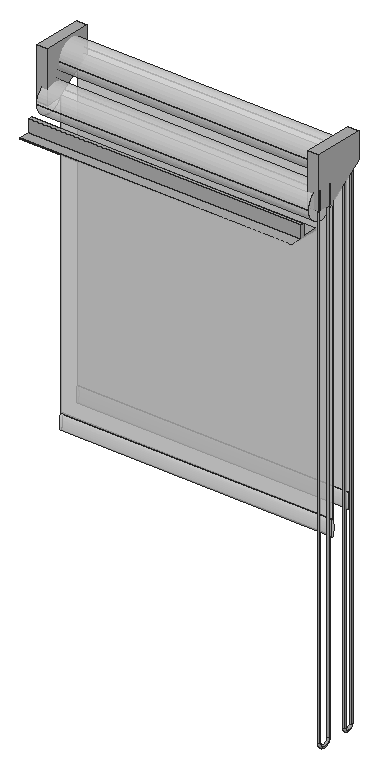
Revit family "Window-Treatment_Solar-Shade_SWFcontract_Manual-Dual", category Specialty Equipment, Revit 2026
Family settings
  Round Connector Dimension = Use Diameter
  Part Type = Normal
  Classification Number = 23.30.60.14.21
  Work Plane-Based = Yes
  Enable Cutting in Views = No
  Always vertical = No
  Cut with Voids When Loaded = No
  Maintain Annotation Orientation = No
  Shared = No
  Room Calculation Point = No
Parameters
  rollrad [instance] = Roll Diameter / 2  # 0' - 1 97/128"
  pocketlipcontrol [instance] = if(Pocket with No Lip, 0' 0", 0' 0 1/2")  # 0' - 0 1/2"
  percentopenr [instance] = (Unit Height - (0' 2 1/16" + 0' 3")) - ((Unit Height - (0' 2 1/16" + 0' 3")) * (Percent Open / 100))  # 2' - 9 15/32"
  percentopenf [instance] = (Unit Height - (0' 5 9/16" + 0' 3")) - ((Unit Height - (0' 5 9/16" + 0' 3")) * (Percent Open / 100))  # 2' - 7 23/32"
  fasciahcontrol = if(Fascia Height = 0' 0", 0' 1", Fascia Height)  # 0' - 8"
  fasciadcontrol = if(Fascia Depth = 0' 0", 0' 1", Fascia Depth)  # 0' - 7 1/2"
  controlchainlocate = if(Blackout Option, 0' 2 1/4", 0' 0 1/4")  # 0' - 0 1/4"
  Without Fascia = yes
  With Fascia = not(Without Fascia)  # no
  Warranty Duration (Years) = 0
  Unit Width = 2' - 8"
  Unit Height = 6' - 0"
  URL = "http://www.swfcontract.com/Pages/Home.aspx"
  Specification = "http://www.arcat.com/sdspecs/htm/12490swf.htm"
  SpecWizard = "http://www.arcat.com/specwizard/clients/springsw.html?coid=46294"
  Shade Material_Interior [instance] = Fabric - SWFcontract - Solar as Specified
  Shade Material_Exterior [instance] = Fabric - SWFcontract - Solar as Specified
  Send Message = "http://www.arcat.com/users.pl?action=UserEmail&company=SWFcontract&coid=46294&rep=147&fax=&mf="
  Sales Information = "http://www.swfcontract.com/Pages/Contact-Us.aspx"
  Roll Inner Tube Diameter [instance] = 0' - 0.94726"
  Roll Diameter [instance] = 0' - 3 33/64"
  Revision = "R1_03-2014"
  Product Properties = ""
  Product Data = "http://www.arcat.com/arcatcos/cos46/arc46294.html"
  Pocket with No Lip [instance] = no
  Pocket Closure Depth [instance] = 0' - 2 1/8"
  Pocket Closure = yes
  Percent Open [instance] = 50
  Model = "As Specified"
  Manufacturer Website = "http://www.swfcontract.com/Pages/Home.aspx"
  Manufacturer Phone - Toll Free = "800-327-9798"
  Manufacturer Phone = ""
  Manufacturer Fax = ""
  Manufacturer Address = "7549 Graber Rd.  Middleton, WI 53562-1096"
  Manufacturer = "SWFcontract"
  Maintenance Schedule (Months) = 0
  Keynote = "12490"
  Installation-Fabrication = ""
  Installation Phase = ""
  Green Building-LEED = "http://www.arcat.com/green/clients/leed_data_46294.html"
  Fixture Material [instance] = Metal - Aluminum - SWFcontract - Finish as Specified
  Fascia Height = 0' - 8"
  Fascia Depth = 0' - 7 1/2"
  Fabric Inset = 0' - 0 9/16"
  Expected Lifespan (Years) = 0
  Drawn By = "Sumex Design, Inc. / Robert S. Weygant, CSI, CDT, SCIP"
  Description = "SWFcontract Window Treatment as Specified"
  Default Elevation = 0' - 0"
  Copyright = "©Arcat Inc."
  Control Chain Right [instance] = yes
  Control Chain Left [instance] = not(Control Chain Right)  # no
  Construction Details = "http://www.arcat.com/details/springsw/springsw.html?coid=46294"
  Blackout Option = no
  Assembly Code = "E2010320"
Reference planes (in)
  plane 1 "Vertical Surface": y = 0
  plane 2 "Bottom": z = 0
  plane 3 "Center (Left/Right)": x = 0
  plane 4 "Left": x = -16
  plane 5 "Right": x = 16
  plane 6 "Top": z = 72
  plane 7: y = -7.5
  plane 8: z = 64
  plane 9: z = 69.9375
  plane 10: y = -2.25
  plane 11: x = -15.4375
  plane 12: x = 15.4375
  plane 13: z = 33.46875
  plane 14: z = 69
  plane 15: y = -4.625
  plane 16: z = 31.71875
  plane 17: z = 66.9375
  plane 18: z = 63.4375
  plane 19: z = 66.4375
Forms (in)
  Extrusion 1, solid, material "Fabric - SWFcontract - Solar as Specified" <- "Shade Material_Exterior"
    sketch origin (0, 0, 0) x (0, 1, 0) y (0, 0, 1)
      loop
        circle (-2.25, 69.9375) r 1.75781
    from -15.4375 to 15.4375
  Sweep 2, solid, material "Metal - Aluminum - SWFcontract - Finish as Specified" <- "Fixture Material", visible <- "Control Chain Right"
    path origin (0, 0, 0) x (0, 1, 0) y (0, 0, 1)
      loop
        line (-0.75, 69) -> (-0.75, 12)
        arc (-0.75, 12) -> (-1.25, 11.5) -> (-1.75, 12) r 0.5
        line (-1.75, 12) -> (-1.75, 69)
    profile origin (0, -0.75, 40.5) x (1, 0, 0) y (0, 1, 0)
      loop
        circle (15.75, 0) r 0.125
  Sweep 3, solid, material "Metal - Aluminum - SWFcontract - Finish as Specified" <- "Fixture Material", visible <- "Control Chain Left"
    path origin (0, 0, 0) x (0, 1, 0) y (0, 0, -1)
      loop
        line (-0.75, -69) -> (-0.75, -12)
        arc (-0.75, -12) -> (-1.25, -11.5) -> (-1.75, -12) r 0.5
        line (-1.75, -12) -> (-1.75, -69)
    profile origin (0, -0.75, 40.5) x (-1, 0, 0) y (0, -1, 0)
      loop
        circle (15.75, 0) r 0.125
  Extrusion 4, solid, material "Fabric - SWFcontract - Solar as Specified" <- "Shade Material_Exterior"
    sketch origin (0, 0, 0) x (0, 1, 0) y (0, 0, 1)
      loop
        line (-0.49219, 69.9375) -> (-0.58594, 69.9375) -> (-0.58594, 35.21875)
        spline (-0.58594, 35.21875) -> (-0.62638, 35.18894) -> (-0.66406, 35.10152) -> (-0.69642, 34.96247) -> (-0.72125, 34.78125) -> (-0.73686, 34.57022) -> (-0.74219, 34.34375) -> (-0.73686, 34.11728) -> (-0.72125, 33.90625) -> (-0.69642, 33.72503) -> (-0.66406, 33.58598) -> (-0.62638, 33.49856) -> (-0.58594, 33.46875)
        line (-0.58594, 33.46875) -> (-0.49219, 33.46875)
        spline (-0.49219, 33.46875) -> (-0.45187, 33.49856) -> (-0.41429, 33.58598) -> (-0.38203, 33.72503) -> (-0.35727, 33.90625) -> (-0.34171, 34.11728) -> (-0.3364, 34.34375) -> (-0.34171, 34.57022) -> (-0.35727, 34.78125) -> (-0.38203, 34.96247) -> (-0.41429, 35.10152) -> (-0.45187, 35.18894) -> (-0.49219, 35.21875)
        line (-0.49219, 35.21875) -> (-0.49219, 69.9375)
    from -15.4375 to 15.4375
  Extrusion 5, solid, material "Metal - Aluminum - SWFcontract - Finish as Specified" <- "Fixture Material", visible <- "Blackout Option"
    sketch origin (0, 0, 0) x (1, 0, 0) y (0, 0, 1)
      loop
        line (-16, 0) -> (16, 0) -> (16, 69) -> (14, 69) -> (14, 2) -> (-14, 2) -> (-14, 69) -> (-16, 69) -> (-16, 0)
    from 0 to 1
  Extrusion 6, solid, material "Metal - Aluminum - SWFcontract - Finish as Specified" <- "Fixture Material", visible <- "Pocket Closure"
    sketch origin (0, 0, 0) x (0, 1, 0) y (0, 0, 1)
      loop
        line (-5.375, 64) -> (-5.375, 64.25) -> (-7.125, 64.25) -> (-7.125, 65.5) -> (-7.5, 65.5) -> (-7.5, 64.0625) -> (-8.75, 64.0625) -> (-8.75, 64) -> (-5.375, 64)
    from -15.4375 to 15.4375
  Extrusion 7, solid, material "Metal - Aluminum - SWFcontract - Finish as Specified" <- "Fixture Material", visible <- "Without Fascia"
    sketch origin (16, 16.34522, 48) x (0, 1, 0) y (0, 0, 1)
      loop
        line (-16.34522, 24) -> (-22.00022, 24) -> (-22.00022, 18.25) -> (-20.34522, 18.25) -> (-16.34522, 21) -> (-16.34522, 24)
    from 0 to -1.1875
  Extrusion 8, solid, material "Metal - Aluminum - SWFcontract - Finish as Specified" <- "Fixture Material", visible <- "Without Fascia"
    sketch origin (-16, 16.34522, 48) x (0, 1, 0) y (0, 0, 1)
      loop
        line (-16.34522, 24) -> (-22.00022, 24) -> (-22.00022, 18.25) -> (-20.34522, 18.25) -> (-16.34522, 21) -> (-16.34522, 24)
    from 0 to 1.1875
  Extrusion 9, solid, material "Metal - Aluminum - SWFcontract - Finish as Specified" <- "Fixture Material", visible <- "With Fascia"
    sketch origin (-16, 16.34522, 48) x (0, 1, 0) y (0, 0, 1)
      loop
        line (-16.34522, 24) -> (-22.00022, 24) -> (-22.00022, 23) -> (-23.31272, 23) -> (-23.31272, 23.5) -> (-23.43897, 23.5) -> (-23.43897, 16.5) -> (-22.68897, 16.5) -> (-22.68897, 19.25) -> (-22.00022, 19.93875) -> (-22.00022, 18.25) -> (-20.34522, 18.25) -> (-16.34522, 21) -> (-16.34522, 24)
    from 0 to 1.25
  Extrusion 10, solid, material "Metal - Aluminum - SWFcontract - Finish as Specified" <- "Fixture Material", visible <- "With Fascia"
    sketch origin (16, 16.34522, 48) x (0, 1, 0) y (0, 0, 1)
      loop
        line (-16.34522, 24) -> (-22.00022, 24) -> (-22.00022, 23) -> (-23.31272, 23) -> (-23.31272, 23.5) -> (-23.43897, 23.5) -> (-23.43897, 16.5) -> (-22.68897, 16.5) -> (-22.68897, 19.25) -> (-22.00022, 19.93875) -> (-22.00022, 18.25) -> (-20.34522, 18.25) -> (-16.34522, 21) -> (-16.34522, 24)
    from 0 to -1.25
  Extrusion 11, solid, material "Metal - Aluminum - SWFcontract - Finish as Specified" <- "Fixture Material", visible <- "With Fascia"
    sketch origin (0, 0, 0) x (0, 1, 0) y (0, 0, 1)
      loop
        line (-6.8425, 71.5625) -> (-7.3425, 71.5625) -> (-7.3425, 63.9375) -> (-5.00948, 63.9375) -> (-5.00948, 64.5) -> (-7.21875, 64.5) -> (-7.21875, 71.5) -> (-6.9675, 71.5) -> (-6.9675, 71.4375) -> (-6.8425, 71.4375) -> (-6.8425, 71.5625)
    from -16 to 16
  Sweep 12, solid, material "Metal - Aluminum - SWFcontract - Finish as Specified" <- "Fixture Material", visible <- "Control Chain Right"
    path origin (0, -3.5, 0) x (0, 1, 0) y (0, 0, 1)
      loop
        line (-0.4375, 69) -> (-0.4375, 12)
        arc (-0.4375, 12) -> (-1.125, 11.3125) -> (-1.8125, 12) r 0.6875
        line (-1.8125, 12) -> (-1.8125, 69)
    profile origin (0, -3.9375, 40.5) x (1, 0, 0) y (0, 1, 0)
      loop
        circle (15.75, 0) r 0.125
  Sweep 13, solid, material "Metal - Aluminum - SWFcontract - Finish as Specified" <- "Fixture Material", visible <- "Control Chain Left"
    path origin (0, -3.5625, 0) x (0, 1, 0) y (0, 0, -1)
      loop
        line (-0.375, -69) -> (-0.375, -12)
        arc (-0.375, -12) -> (-1.0625, -11.3125) -> (-1.75, -12) r 0.6875
        line (-1.75, -12) -> (-1.75, -69)
    profile origin (0, -3.9375, 40.5) x (-1, 0, 0) y (0, -1, 0)
      loop
        circle (15.75, 0) r 0.125
  Extrusion 14, void
    sketch origin (0, 0, 0) x (0, 1, 0) y (0, 0, 1)
      loop
        line (-7.5, 64.5) -> (-7.5, 65) -> (-9, 65) -> (-9, 64.5) -> (-7.5, 64.5)
    from -16 to 16
  Extrusion 15, solid, material "Fabric - SWFcontract - Solar as Specified" <- "Shade Material_Interior"
    sketch origin (0, 0, 0) x (0, 1, 0) y (0, 0, 1)
      loop
        circle (-4.625, 66.4375) r 1.75781
    from -15.4375 to 15.4375
  Extrusion 16, solid, material "Fabric - SWFcontract - Solar as Specified" <- "Shade Material_Interior"
    sketch origin (0, 0, 0) x (0, 1, 0) y (0, 0, 1)
      loop
        line (-2.86719, 66.4375) -> (-2.96094, 66.4375) -> (-2.96094, 33.46875)
        spline (-2.96094, 33.46875) -> (-3.00138, 33.43894) -> (-3.03906, 33.35152) -> (-3.07142, 33.21247) -> (-3.09625, 33.03125) -> (-3.11186, 32.82022) -> (-3.11719, 32.59375) -> (-3.11186, 32.36728) -> (-3.09625, 32.15625) -> (-3.07142, 31.97503) -> (-3.03906, 31.83598) -> (-3.00138, 31.74856) -> (-2.96094, 31.71875)
        line (-2.96094, 31.71875) -> (-2.86719, 31.71875)
        spline (-2.86719, 31.71875) -> (-2.82687, 31.74856) -> (-2.78929, 31.83598) -> (-2.75703, 31.97503) -> (-2.73227, 32.15625) -> (-2.71671, 32.36728) -> (-2.7114, 32.59375) -> (-2.71671, 32.82022) -> (-2.73227, 33.03125) -> (-2.75703, 33.21247) -> (-2.78929, 33.35152) -> (-2.82687, 33.43894) -> (-2.86719, 33.46875)
        line (-2.86719, 33.46875) -> (-2.86719, 66.4375)
    from -15.4375 to 15.4375
Cuts and joins
  Extrusion 14 cuts Extrusion 4
  joined: Extrusion 1, Extrusion 4
  Extrusion 14 cuts Extrusion 6
  joined: Extrusion 15, Extrusion 16
Dimensions and locks (in)
  equal spacing: plane 4 "Left", plane 3 "Center (Left/Right)", plane 5 "Right"
  "Unit Width": plane 4 "Left" to plane 5 "Right"
  "Unit Height": plane 6 "Top" to level
  "Roll Diameter": Extrusion 1 sketch curve to Extrusion 1 sketch curve
  locked: plane 9 to Extrusion 1 sketch curve at 0
  "Fabric Inset": plane 11 to plane 4 "Left"
  "Fabric Inset": plane 5 "Right" to plane 12
  "fasciahcontrol": plane 6 "Top" to plane 8
  "fasciadcontrol": plane 7 to plane 1 "Vertical Surface"
  locked: Sweep 2 sketch curve to level at 12
  locked: Sweep 2 sketch curve to plane 1 "Vertical Surface" at 0.75
  "controlchainlocate": Sweep 2 sketch curve to plane 5 "Right"
  locked: Sweep 3 sketch curve to plane 1 "Vertical Surface" at 0.75
  locked: Sweep 3 sketch curve to level at 12
  "controlchainlocate": plane 4 "Left" to Sweep 3 sketch curve
  "rollrad": plane 10 to Extrusion 4 sketch curve
  locked: Extrusion 4 sketch curve to Extrusion 4 sketch curve at 0.09375
  locked: Extrusion 4 sketch curve to Extrusion 4 sketch curve at 0.15579
  locked: Extrusion 4 sketch curve to Extrusion 4 sketch curve at 0.15625
  Extrusion 4 sketch curve to Extrusion 4 sketch curve to plane 13 = 0' - 0 7/8" locked, 0' - 0 7/8" locked  (x2)
  locked: Extrusion 5 sketch curve to level at 2
  locked: plane 5 "Right" to Extrusion 5 sketch curve at 2
  locked: Extrusion 5 sketch curve to plane 4 "Left" at 2
  locked: Extrusion 6 sketch curve to plane 7 at 1.25
  "Pocket Closure Depth": plane 7 to Extrusion 6 sketch curve
  Extrusion 6 sketch curve to Extrusion 6 sketch curve to Extrusion 6 sketch curve to plane 8 = 0' - 1 1/4" locked, 0' - 0 3/16" locked, 0' - 0 1/16" locked
  Extrusion 7 sketch curve to Extrusion 7 sketch curve to plane 1 "Vertical Surface" = 0' - 1.655" locked, 0' - 4" locked
  plane 6 "Top" to Extrusion 7 sketch curve to Extrusion 7 sketch curve = 0' - 3" locked, 0' - 2 3/4" locked
  plane 6 "Top" to Extrusion 8 sketch curve to Extrusion 8 sketch curve = 0' - 3" locked, 0' - 2 3/4" locked
  Extrusion 8 sketch curve to Extrusion 8 sketch curve to plane 1 "Vertical Surface" = 0' - 1.655" locked, 0' - 4" locked
  Extrusion 9 sketch curve to Extrusion 9 sketch curve to Extrusion 9 sketch curve to Extrusion 9 sketch curve to plane 1 "Vertical Surface" = 0' - 0.12625" locked, 0' - 1 5/16" locked, 0' - 1.655" locked, 0' - 4" locked
  Extrusion 9 sketch curve to Extrusion 9 sketch curve to plane 1 "Vertical Surface" = 0' - 0.68875" locked, 0' - 5.655" locked
  plane 6 "Top" to Extrusion 9 sketch curve to Extrusion 9 sketch curve to Extrusion 9 sketch curve to Extrusion 9 sketch curve to Extrusion 9 sketch curve to Extrusion 9 sketch curve to Extrusion 9 sketch curve = 0' - 0 1/2" locked, 0' - 0 1/2" locked, 0' - 2" locked, 0' - 1.06125" locked, 0' - 0.68875" locked, 0' - 1" locked, 0' - 1 3/4" locked
  Extrusion 10 sketch curve to Extrusion 10 sketch curve to Extrusion 10 sketch curve to Extrusion 10 sketch curve = 0' - 0.12625" locked, 0' - 1 5/16" locked, 0' - 1.655" locked
  locked: Extrusion 10 sketch curve to Extrusion 10 sketch curve at 0.68875
  Extrusion 10 sketch curve to Extrusion 10 sketch curve to Extrusion 10 sketch curve to Extrusion 10 sketch curve to Extrusion 10 sketch curve to Extrusion 10 sketch curve to Extrusion 10 sketch curve = 0' - 0 1/2" locked, 0' - 2" locked, 0' - 1.06125" locked, 0' - 0.68875" locked, 0' - 1" locked, 0' - 1 3/4" locked
  locked: plane 6 "Top" to Extrusion 10 sketch curve at 0.5
  locked: Extrusion 10 sketch curve to plane 1 "Vertical Surface" at 4
  locked: Extrusion 10 sketch curve to plane 1 "Vertical Surface" at 5.655
  locked: plane 6 "Top" to plane 9 at 2.0625
  locked: plane 10 to plane 1 "Vertical Surface" at 2.25
  locked: Extrusion 1 sketch curve to plane 10 at 0
  locked: plane 6 "Top" to plane 14 at 3
  locked: plane 15 to plane 1 "Vertical Surface" at 4.625
  plane 6 "Top" to Extrusion 11 sketch curve to Extrusion 11 sketch curve to Extrusion 11 sketch curve to Extrusion 11 sketch curve to Extrusion 11 sketch curve = 0' - 0 7/16" locked, 0' - 0 1/16" locked, 0' - 0 1/16" locked, 0' - 6 15/16" locked, 0' - 0 9/16" locked
  Extrusion 11 sketch curve to Extrusion 11 sketch curve to Extrusion 11 sketch curve to Extrusion 11 sketch curve to Extrusion 11 sketch curve to plane 1 "Vertical Surface" = 0' - 0.12375" locked, 0' - 0.25125" locked, 0' - 0 1/8" locked, 0' - 1.83302" locked, 0' - 5.00948" locked
  locked: plane 10 to Sweep 2 sketch curve at 0.5
  locked: plane 10 to Sweep 3 sketch curve at 0.5
  Sweep 12 sketch curve to plane 15 to Sweep 12 sketch curve = 0' - 0 11/16" locked, 0' - 0 11/16" locked
  locked: Sweep 12 sketch curve to level at 12
  Sweep 13 sketch curve to plane 15 to Sweep 13 sketch curve = 0' - 0 11/16" locked, 0' - 0 11/16" locked
  locked: Sweep 13 sketch curve to level at 12
  locked: plane 4 "Left" to Sweep 13 sketch curve at 0.25
  locked: Sweep 12 sketch curve to plane 5 "Right" at 0.25
  "pocketlipcontrol": Extrusion 14 sketch curve to plane 8
  locked: Extrusion 14 sketch curve to plane 8 at 1
  locked: Extrusion 14 sketch curve to plane 7 at 1.5
  locked: plane 9 to plane 17 at 3
  locked: plane 6 "Top" to plane 19 at 5.5625
  locked: plane 18 to plane 19 at 3
  "percentopenr": plane 17 to plane 13
  "percentopenf": plane 18 to plane 16
  "Roll Diameter": Extrusion 15 sketch curve to Extrusion 15 sketch curve
  locked: Extrusion 15 sketch curve to plane 15 at 0
  locked: Extrusion 15 sketch curve to plane 19 at 0
  locked: Extrusion 16 sketch curve to Extrusion 16 sketch curve at 0.09375
  locked: Extrusion 16 sketch curve to Extrusion 16 sketch curve at 0.15579
  locked: Extrusion 16 sketch curve to Extrusion 16 sketch curve at 0.15625
  locked: Extrusion 16 sketch curve to Extrusion 16 sketch curve at 0.875  (x2)
  locked: Extrusion 16 sketch curve to plane 16 at 0.875  (x2)
  "rollrad": plane 15 to Extrusion 16 sketch curve
  aligned and locked: plane 12 to Extrusion 1
  aligned and locked: Extrusion 1 to plane 11
  aligned and locked: plane 9 to Extrusion 4 sketch curve
  aligned and locked: Extrusion 4 to plane 11
  aligned and locked: Extrusion 4 to plane 12
  aligned and locked: Extrusion 4 sketch curve to plane 13
  aligned and locked: Extrusion 5 sketch curve to plane 4 "Left"
  aligned and locked: Extrusion 5 sketch curve to plane 5 "Right"
  aligned and locked: plane 7 to Extrusion 6 sketch curve
  aligned: plane 5 "Right" to Extrusion 6
  aligned: Extrusion 6 to plane 4 "Left"
  aligned and locked: Extrusion 6 to plane 11
  aligned and locked: plane 12 to Extrusion 6
  aligned: plane 5 "Right" to Extrusion 10
  aligned and locked: plane 6 "Top" to Extrusion 10 sketch curve
  aligned and locked: plane 1 "Vertical Surface" to Extrusion 10 sketch curve
  aligned and locked: plane 6 "Top" to Extrusion 9 sketch curve
  aligned and locked: plane 14 to Extrusion 5 sketch curve
  aligned and locked: Extrusion 5 sketch curve to plane 14
  aligned and locked: plane 5 "Right" to Extrusion 11
  aligned and locked: Extrusion 11 to plane 4 "Left"
  aligned and locked: plane 14 to Sweep 2 sketch curve  (x2)
  aligned and locked: plane 14 to Sweep 3 sketch curve  (x2)
  aligned and locked: plane 7 to Extrusion 14 sketch curve
  aligned and locked: plane 5 "Right" to Extrusion 14
  aligned and locked: Extrusion 14 to plane 4 "Left"
  aligned and locked: Extrusion 16 sketch curve to plane 16
  aligned and locked: Extrusion 16 to plane 12
  aligned and locked: Extrusion 16 to plane 11
  aligned and locked: plane 12 to Extrusion 15
  aligned and locked: Extrusion 15 to plane 11
Automatic sketch dimensions
  profile plane to Sweep 2 sketch curve = 0' - 0"
  Sweep 3 sketch curve to profile plane = 0' - 0"
  Extrusion 5 sketch curve to level = 0' - 0"
  Extrusion 6 sketch curve to plane 8 = 0' - 0"
  Extrusion 6 sketch curve to Extrusion 6 sketch curve = 0' - 0 3/8"
  Extrusion 7 sketch curve to plane 1 "Vertical Surface" = 0' - 0"
  Extrusion 7 sketch curve to plane 6 "Top" = 0' - 0"
  Extrusion 8 sketch curve to plane 1 "Vertical Surface" = 0' - 0"
  Extrusion 8 sketch curve to plane 6 "Top" = 0' - 0"
  Extrusion 9 sketch curve to plane 1 "Vertical Surface" = 0' - 0"
  Sweep 12 sketch curve to plane 14 = 0' - 0"  (x2)
  profile plane to Sweep 12 sketch curve = 0' - 0"
  Sweep 13 sketch curve to plane 14 = 0' - 0"  (x2)
  Sweep 13 sketch curve to profile plane = 0' - 0"
  plane 19 to Extrusion 16 sketch curve = 0' - 0"
  radius of Sweep 2 sketch curve = 0' - 0 1/8"
  radius of Sweep 3 sketch curve = 0' - 0 1/8"
  radius of Sweep 12 sketch curve = 0' - 0 1/8"
  radius of Sweep 13 sketch curve = 0' - 0 1/8"
